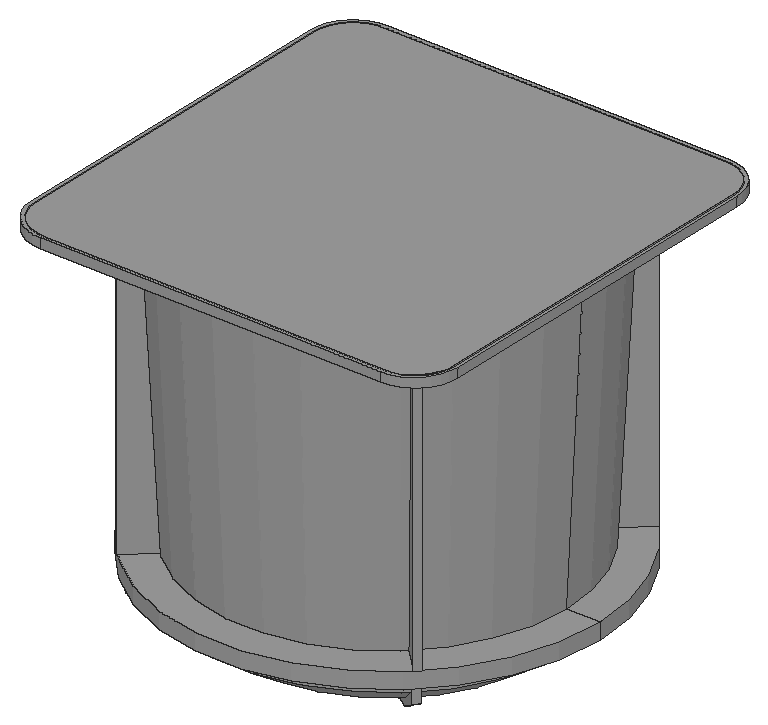
Revit family "Atlas_Sound_AHSUB15-BSG", category Communication Devices, Revit 2026
Family settings
  Round Connector Dimension = Use Diameter
  Part Type = Normal
  Work Plane-Based = Yes
  Always vertical = No
  Cut with Voids When Loaded = No
  Maintain Annotation Orientation = No
  Shared = No
  Room Calculation Point = No
Parameters (values of type "Full-Range, Outdoor, Horn Loudspeaker")
  Width = 30.00"
  Weight Product = 280
  Warranty = "5 Year"
  Vertical Symmetry = yes
  URL = "www.atlassound.com"
  Transformer Option = yes
  Specification by User (default) = "TBD"
  Speaker Type = "S1"
  Speaker Listening Height [instance] = 30.00"
  Speaker Height [instance] = 120.00"
  Speaker Dispersion = 120.00°
  Speaker Cone Visible [instance] = no
  Speaker Cone Height [instance] = (Speaker Height - Speaker Listening Height)  # 90.00"
  Sensitivity = 103
  ScheduleType |RF| = "AtlasIED Master"
  SPL Max = 107
  Rotation = 0.00°
  Radius of Speaker Cone [instance] = (Speaker Cone Height) * tan(Speaker Dispersion / 2)  # 155.88457"
  Product Page URL = "https://www.atlasied.com/ahsub15s"
  Product Documentation Link = "https://www.atlasied.com/f/3327/ATS004770%20AHSUB15S-BSG%20Data%20RevA.pdf"
  Power Rating (RMS) = "250 Watts RMS"
  Power Peak = 500
  Pitch = 0.00°
  OmniClass Title = "SPEAKERS"
  OmniClass Number = "23-37 17 13 19"
  Mount Material = Default
  Model = "AHSUB15-BSG"
  Maximum Output = "127dB"
  Max Input Ratings (8Ω) = "TBD"
  MaterFormat Title = "SPEAKERS"
  MasterFormat = "27 41 13"
  Market = "Commercial, Higher Education, Emergency"
  Manufacturer URL = "https://www.atlasied.com"
  Manufacturer Phone = "(800) 876 - 3333"
  Manufacturer Email = "support@atlasied.com"
  Manufacturer Address = "4545 E. Baseline Rd., Phoenix, AZ 85042"
  Manufacturer = "ATLAS SOUND"
  Input Connectors = "Barrier Terminal"
  Ingress Protection = "IP45 When Tilted 5° Downwards"
  Impedance = 8
  IQ Category = "SPEAKERS"
  Height = 0.65247"
  Grill Material = QF_Plastic - Black - Fine Textured
  Frequency Response  = "55Hz – 120Hz (±5dB)"
  Family Version [instance] = "2017-01"
  Family Code (default) = "LOUD SPEAKERS"
  Enclosure Material = none
  Dispersion Angle = 0.00°
  Description = "15\" AH SERIES STADIUM SUBWOOFER SYSTEM"
  Depth = 30.56"
  Default Elevation = 48.00"
  Coverage Vertical = 0.00°
  Coverage Horizontal = 0.00°
  Cost MSRP = 2200.99
  Cost = 2200.99
  Color = none
  Body Material = Default
  Baffle Material = none
  70V Taps = "32.00 W"
  100V Taps = "32.00 W"
Reference planes (in)
  plane 1 "Center (Front/Back)": y = 0
  plane 2: z = 0
  plane 3 "Center (Left/Right)": x = 0
  plane 4: z = 0.65247
  plane 5: x = 15
  plane 6: x = -15
  plane 7: y = 15.28
  plane 8: y = -15.28
Forms (in)
  Extrusion 1, solid, material "Default" <- "Mount Material"
    sketch origin (9.9349, 32.72, 0.68866) x (1, 0, 0) y (0, 1, 0)
      loop
        arc (-21.9349, -17.44) -> (-24.05622, -18.31868) -> (-24.9349, -20.44) r 3
        line (-24.9349, -20.44) -> (-24.9349, -45)
        arc (-24.9349, -45) -> (-24.05622, -47.12132) -> (-21.9349, -48) r 3
        line (-21.9349, -48) -> (2.0651, -48)
        arc (2.0651, -48) -> (4.18642, -47.12132) -> (5.0651, -45) r 3
        line (5.0651, -45) -> (5.0651, -20.44)
        arc (5.0651, -20.44) -> (4.18642, -18.31868) -> (2.0651, -17.44) r 3
        line (2.0651, -17.44) -> (-21.9349, -17.44)
      loop
        arc (-21.9349, -17.69) -> (-23.87944, -18.49546) -> (-24.6849, -20.44) r 2.75
        line (-24.6849, -20.44) -> (-24.6849, -45)
        arc (-24.6849, -45) -> (-23.87944, -46.94454) -> (-21.9349, -47.75) r 2.75
        line (-21.9349, -47.75) -> (2.0651, -47.75)
        arc (2.0651, -47.75) -> (4.00965, -46.94454) -> (4.8151, -45) r 2.75
        line (4.8151, -45) -> (4.8151, -20.44)
        arc (4.8151, -20.44) -> (4.00965, -18.49546) -> (2.0651, -17.69) r 2.75
        line (2.0651, -17.69) -> (-21.9349, -17.69)
    from -0.03619 to -0.68866
  Revolve 2, solid, material "Default" <- "Body Material"
    sketch origin (0, 0.28, -13.39134) x (1, 0, 0) y (0, 0, -1)
      loop
        line (0, -13.39134) -> (0, 14.08)
        arc (0, 14.08) -> (-7.25099, 13.0959) -> (-13.6695, 9.58191) r 20.10453
        line (-13.6695, 9.58191) -> (-13.6695, 8.65095) -> (-15, 8.65095) -> (-15, 7.51296) -> (-12.65445, 7.51296) -> (-13.75, -13.39134) -> (0, -13.39134)
      axis (0, 14.08) -> (0, -13.39134)
    angle from 0 to 360
  Extrusion 3, solid, material "Default" <- "Body Material"
    sketch origin (11.00258, -10.72258, -13.39134) x (0, 0, -1) y (-0.707107, 0.707107, 0)
      loop
        line (-13.39134, 30.56) -> (-13.39134, 29.31) -> (7.51296, 28.21445) -> (7.51296, 30.56) -> (-13.39134, 30.56)
      loop
        line (-13.39134, 0.56) -> (7.51296, 0.56) -> (7.51296, 2.90555) -> (-13.39134, 1.81) -> (-13.39134, 0.56)
      loop
        line (8.65095, 30.06) -> (8.65095, 29.2295) -> (9.42607, 29.2295)
        arc (9.42607, 29.2295) -> (12.75165, 23.77383) -> (14.06989, 17.52195) r 18.90437
        arc (14.06989, 17.52195) -> (12.94846, 24.11118) -> (9.90095, 30.06) r 22.01045
        line (9.90095, 30.06) -> (8.65095, 30.06)
      loop
        line (8.65095, 1.06) -> (9.90095, 1.06)
        arc (9.90095, 1.06) -> (12.94846, 7.00882) -> (14.06989, 13.59805) r 22.01045
        arc (14.06989, 13.59805) -> (12.75165, 7.34617) -> (9.42607, 1.8905) r 18.90437
        line (9.42607, 1.8905) -> (8.65095, 1.8905) -> (8.65095, 1.06)
    from -0.25 to 0.25
  Extrusion 4, solid, material "Default" <- "Body Material"
    sketch origin (-11.00258, -10.72258, -13.39134) x (0, 0, -1) y (-0.707107, -0.707107, 0)
      loop
        line (-13.39134, -30.56) -> (7.51296, -30.56) -> (7.51296, -28.21445) -> (-13.39134, -29.31) -> (-13.39134, -30.56)
      loop
        line (-13.39134, -0.56) -> (-13.39134, -1.81) -> (7.51296, -2.90555) -> (7.51296, -0.56) -> (-13.39134, -0.56)
      loop
        line (8.65095, -30.06) -> (9.90095, -30.06)
        arc (9.90095, -30.06) -> (12.94846, -24.11118) -> (14.06989, -17.52195) r 22.01045
        arc (14.06989, -17.52195) -> (12.75165, -23.77383) -> (9.42607, -29.2295) r 18.90437
        line (9.42607, -29.2295) -> (8.65095, -29.2295) -> (8.65095, -30.06)
      loop
        line (8.65095, -1.06) -> (8.65095, -1.8905) -> (9.42607, -1.8905)
        arc (9.42607, -1.8905) -> (12.75165, -7.34617) -> (14.06989, -13.59805) r 18.90437
        arc (14.06989, -13.59805) -> (12.94846, -7.00882) -> (9.90095, -1.06) r 22.01045
        line (9.90095, -1.06) -> (8.65095, -1.06)
    from -0.25 to 0.25
  Extrusion 5, solid, material "QF_Plastic - Black - Fine Textured" <- "Grill Material"
    sketch origin (9.9349, 32.72, 0.68866) x (1, 0, 0) y (0, 1, 0)
      loop
        line (-24.6849, -20.44) -> (-24.6849, -45)
        arc (-24.6849, -45) -> (-23.87944, -46.94454) -> (-21.9349, -47.75) r 2.75
        line (-21.9349, -47.75) -> (2.0651, -47.75)
        arc (2.0651, -47.75) -> (4.00965, -46.94454) -> (4.8151, -45) r 2.75
        line (4.8151, -45) -> (4.8151, -20.44)
        arc (4.8151, -20.44) -> (4.00965, -18.49546) -> (2.0651, -17.69) r 2.75
        line (2.0651, -17.69) -> (-21.9349, -17.69)
        arc (-21.9349, -17.69) -> (-23.87944, -18.49546) -> (-24.6849, -20.44) r 2.75
    from -0.03619 to -0.68866
  Extrusion 6, solid, material "Default" <- "Body Material"
    sketch origin (9.9349, 32.72, 0) x (0, 1, 0) y (1, 0, 0)
      loop
        arc (-20.44, -24.6849) -> (-18.49546, -23.87944) -> (-17.69, -21.9349) r 2.75
        line (-17.69, -21.9349) -> (-17.69, 2.0651)
        arc (-17.69, 2.0651) -> (-18.49546, 4.00965) -> (-20.44, 4.8151) r 2.75
        line (-20.44, 4.8151) -> (-45, 4.8151)
        arc (-45, 4.8151) -> (-46.94454, 4.00965) -> (-47.75, 2.0651) r 2.75
        line (-47.75, 2.0651) -> (-47.75, -21.9349)
        arc (-47.75, -21.9349) -> (-46.94454, -23.87944) -> (-45, -24.6849) r 2.75
        line (-45, -24.6849) -> (-20.44, -24.6849)
    from 0 to 0.13
  Blend 7, solid, material "Glass", visible <- "Speaker Cone Visible"
    base sketch origin (0, 0, 0) x (1, 0, 0) y (0, 1, 0)
      loop
        circle (0, 0.09521) r 155.88457
    top sketch origin (0, 0, 0) x (1, 0, 0) y (0, 1, 0)
      loop
        circle (0, 0.09521) r 0.13513
    from 90 <- "Speaker Cone Height" to 0
Lines and regions (in)
  symbolic lines
    curve 1: line (12, 15.03, 0) -> (-12, 15.03, 0)
    curve 2: arc (-12, 15.03, 0) -> (-13.94454, 14.22454, 0) -> (-14.75, 12.28, 0) r 2.75
    curve 3: line (-14.75, 12.28, 0) -> (-14.75, -12.28, 0)
    curve 4: arc (-14.75, -12.28, 0) -> (-13.94454, -14.22454, 0) -> (-12, -15.03, 0) r 2.75
    curve 5: line (-12, -15.03, 0) -> (12, -15.03, 0)
    curve 6: arc (12, -15.03, 0) -> (13.94454, -14.22454, 0) -> (14.75, -12.28, 0) r 2.75
    curve 7: line (14.75, -12.28, 0) -> (14.75, 12.28, 0)
    curve 8: arc (14.75, 12.28, 0) -> (13.94454, 14.22454, 0) -> (12, 15.03, 0) r 2.75
    curve 9: line (12, 15.28, 0) -> (-12, 15.28, 0)
    curve 10: arc (-12, 15.28, 0) -> (-14.12132, 14.40132, 0) -> (-15, 12.28, 0) r 3
    curve 11: line (-15, 12.28, 0) -> (-15, -12.28, 0)
    curve 12: arc (-15, -12.28, 0) -> (-14.12132, -14.40132, 0) -> (-12, -15.28, 0) r 3
    curve 13: line (-12, -15.28, 0) -> (12, -15.28, 0)
    curve 14: arc (12, -15.28, 0) -> (14.12132, -14.40132, 0) -> (15, -12.28, 0) r 3
    curve 15: line (15, -12.28, 0) -> (15, 12.28, 0)
    curve 16: arc (15, 12.28, 0) -> (14.12132, 14.40132, 0) -> (12, 15.28, 0) r 3
  symbolic lines, style "Sound Projection Average", visible <- "Speaker Cone Visible"
    curve 17: circle (0, 0.09521, 0) r 155.88457 normal (0, 0, 1)
    curve 18: circle (0, 0.09521, 0) r 155.88457 normal (0, 0, 1)
Dimensions and locks (in)
  "Height": plane 4 to plane 2
  "Width": plane 6 to plane 5
  "Depth": plane 8 to plane 7
  "Radius of Speaker Cone": radius of Blend 7 sketch curve
  aligned and locked: plane 2 to level
Automatic sketch dimensions
  curve 2 to curve 10 = 0.00"  (x2)
  curve 4 to curve 12 = 0.00"  (x2)
  curve 6 to curve 14 = 0.00"
  curve 8 to curve 16 = 0.00"  (x2)
  curve 11 to plane 6 = 0.00"
  plane 8 to curve 12 = 0.00"
  plane 7 to curve 10 = 0.00"
  curve 14 to plane 5 = 0.00"
  plane 6 to curve 3 = 0.25"
  curve 3 to curve 4 = 2.75"
  curve 2 to curve 2 = 2.75"
  curve 9 to plane 5 = 3.00"
  curve 13 to plane 5 = 3.00"
  Extrusion 1 sketch curve to Extrusion 1 sketch curve = 0.00"  (x8)
  Extrusion 1 sketch curve to plane 6 = 0.00"
  plane 7 to Extrusion 1 sketch curve = 0.00"
  plane 8 to Extrusion 1 sketch curve = 0.00"
  Extrusion 1 sketch curve to plane 5 = 0.00"
  plane 6 to Extrusion 1 sketch curve = 0.25"
  plane 6 to Extrusion 1 sketch curve = 3.00"
  Extrusion 1 sketch curve to Extrusion 1 sketch curve = 2.75"  (x2)
  Extrusion 1 sketch curve to plane 5 = 3.00"
  Revolve 2 sketch curve to plane 6 = 0.00"
  Revolve 2 sketch curve to plane 3 "Center (Left/Right)" = 0.00"  (x2)
  plane 6 to Revolve 2 sketch curve = 1.25"
  Revolve 2 sketch curve to Revolve 2 sketch curve = 1.3305"
  Revolve 2 sketch curve to Revolve 2 sketch curve = 1.01504"
  Revolve 2 sketch curve to plane 3 "Center (Left/Right)" = 0.96687"
  Revolve 2 sketch curve to plane 4 = 0.65247"
  Revolve 2 sketch curve to Revolve 2 sketch curve = 7.39008"
  Revolve 2 sketch curve to level = 20.9043"
  Revolve 2 sketch curve to Revolve 2 sketch curve = 1.138"
  Revolve 2 sketch curve to Revolve 2 sketch curve = 0.93096"
  Revolve 2 sketch curve to level = 31.0423"
  Revolve 2 sketch curve to Revolve 2 sketch curve = 1.50"
  Extrusion 3 sketch curve to plane 4 = 0.65247"  (x2)
  Extrusion 3 sketch curve to plane 4 = 6.10612"
  Extrusion 3 sketch curve to Extrusion 3 sketch curve = 0.00"  (x2)
  Extrusion 3 sketch curve to Extrusion 3 sketch curve = 3.11687"
  Extrusion 3 sketch curve to level = 20.9043"  (x2)
  Extrusion 3 sketch curve to Extrusion 3 sketch curve = 1.138"  (x2)
  Extrusion 3 sketch curve to Extrusion 3 sketch curve = 0.77512"  (x2)
  Extrusion 3 sketch curve to Extrusion 3 sketch curve = 0.47488"  (x2)
  Extrusion 3 sketch curve to Extrusion 3 sketch curve = 0.50"
  Extrusion 3 sketch curve to Extrusion 3 sketch curve = 1.25"  (x2)
  Extrusion 3 sketch curve to Extrusion 3 sketch curve = 0.8305"  (x2)
  Extrusion 3 sketch curve to Extrusion 3 sketch curve = 1.01504"  (x2)
  Extrusion 3 sketch curve to Extrusion 3 sketch curve = 12.14352"  (x2)
  Extrusion 3 sketch curve to Extrusion 3 sketch curve = 0.36281"  (x2)
  Extrusion 3 sketch curve to Extrusion 3 sketch curve = 2.48734"
  Extrusion 3 sketch curve to Extrusion 3 sketch curve = 14.6164"
  Extrusion 4 sketch curve to plane 4 = 0.65247"  (x2)
  Extrusion 4 sketch curve to plane 4 = 6.10612"
  Extrusion 4 sketch curve to Extrusion 4 sketch curve = 0.00"  (x2)
  Extrusion 4 sketch curve to Extrusion 4 sketch curve = 3.11687"
  Extrusion 4 sketch curve to level = 20.9043"  (x2)
  Extrusion 4 sketch curve to Extrusion 4 sketch curve = 1.138"  (x2)
  Extrusion 4 sketch curve to Extrusion 4 sketch curve = 0.77512"  (x2)
  Extrusion 4 sketch curve to Extrusion 4 sketch curve = 0.47488"  (x2)
  Extrusion 4 sketch curve to Extrusion 4 sketch curve = 0.50"
  Extrusion 4 sketch curve to Extrusion 4 sketch curve = 1.25"  (x2)
  Extrusion 4 sketch curve to Extrusion 4 sketch curve = 0.8305"  (x2)
  Extrusion 4 sketch curve to Extrusion 4 sketch curve = 1.01504"  (x2)
  Extrusion 4 sketch curve to Extrusion 4 sketch curve = 12.14352"  (x2)
  Extrusion 4 sketch curve to Extrusion 4 sketch curve = 0.36281"  (x2)
  Extrusion 4 sketch curve to Extrusion 4 sketch curve = 2.48734"
  Extrusion 4 sketch curve to Extrusion 4 sketch curve = 14.6164"
  plane 6 to Extrusion 5 sketch curve = 0.25"
  plane 7 to Extrusion 5 sketch curve = 0.25"
  plane 6 to Extrusion 5 sketch curve = 3.00"
  Extrusion 5 sketch curve to Extrusion 5 sketch curve = 2.75"
  Extrusion 5 sketch curve to plane 5 = 3.00"  (x2)
  Extrusion 5 sketch curve to plane 5 = 0.25"
  Extrusion 5 sketch curve to plane 8 = 3.00"
  Extrusion 5 to Extrusion 6 sketch curve = 2.75"  (x2)
  Blend 7 sketch curve to plane 3 "Center (Left/Right)" = 0.00"  (x2)
  Blend 7 sketch curve to plane 1 "Center (Front/Back)" = 0.09521"  (x2)
  radius of Extrusion 6 sketch curve to Extrusion 5 = 0.00"  (x2)
  radius of Blend 7 sketch curve = 0.13513"
Nested families (in)
  nested 1: "Speaker Annotation" at (0, 0, 0), Speaker Type <- "Speaker Type", type "Data Annotation"
    with Speaker Type "S1"
  nested 2: "Speaker Annotation" at (0, 0, 0), Speaker Type <- "Speaker Type", type "Data Annotation"
    with Speaker Type "S1"
Definition of nested family "Speaker Annotation"
  Parameters
    Speaker Type [instance] = ""
  Reference planes (in)
    plane 1: y = 0
    plane 2: x = 0
  Lines and regions (in)
    detail lines
      curve 1: circle (-0.00295, 0.00032, 0) r 0.09489 normal (0, 0, 1)
  Text (in)
    label "S1" at (0.00193, -0.00496, 0), shows "Speaker Type"
